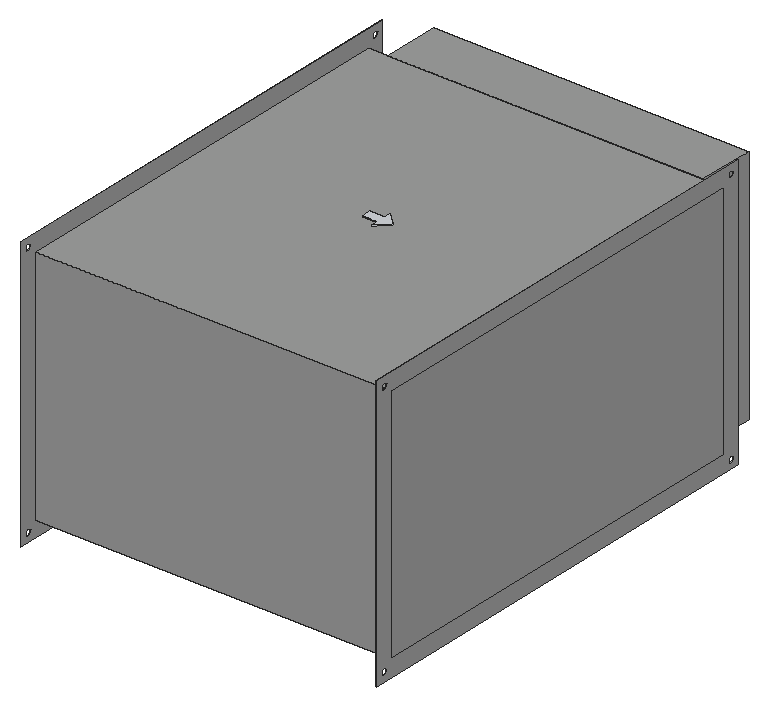
Revit family "Воздухонагреватель электрический прямоугольный E", category Оборудование, Revit 2019
Family settings
  Размер круглого соединителя = Использовать диаметр
  Тип детали = Нормальный
  Номер OmniClass = 23.75.00.00
  Заголовок OmniClass = Climate Control (HVAC)
  На основе рабочей плоскости = Нет
  Всегда вертикально = Да
  При загрузке вырезать с полостями = Нет
  Общий = Нет
  Точка расчета площади = Нет
Parameters (values of type "E...-7040")
  Таблица = "Электронагреватель Е"  # constant formula
  Ток, А = size_lookup(Таблица, "Ток", "Данный типоразмер отсутствует", [Требуемая мощность, кВт], B, H)  # "148"
  Напряжение U,В = "3-380"  # constant formula
  Мощность нагревателя N,кВт = size_lookup(Таблица, "Power", "Данный типоразмер отсутствует", [Требуемая мощность, кВт], B, H)  # "97,5"
  Материал = RAL 0000 Серый металл
  Масса, кг = size_lookup(Таблица, "M", "Данный типоразмер отсутствует", [Требуемая мощность, кВт], B, H)  # "31,9"
  s = 30 mm
  Требуемая мощность, кВт = 97.5 mm
  L1 = 530 mm
  L = 600 mm
  H3 = 404 mm
  H1 = 430 mm
  H = 400 mm
  B3 = 825 mm
  B1 = 730 mm
  B = 700 mm
  ADSK_Примечание = ""
  ADSK_Позиция = ""
  ADSK_Наименование = "Воздухонагреватель электрический для прямоугольного канала E"  # constant formula
  ADSK_Марка = size_lookup(Таблица, "", "Данный типоразмер отсутствует", [Требуемая мощность, кВт], B, H)  # "E97,5-7040"
  ADSK_Код изделия = ""
  ADSK_Завод-изготовитель = "Naveka"  # constant formula
  ADSK_Единица измерения = "шт."  # constant formula
Types (9, lengths in mm): name | Ток, А | Мощность нагревателя N,кВт | Масса, кг | s | Требуемая мощность, кВт | L1 | L | H3 | H1 | H | B3 | B1 | B | ADSK_Марка
  (no name) | "148" | "97,5" | "31,9" | 30 | 97.5 | 530 | 600 | 404 | 430 | 400 | 825 | 730 | 700 | "E97,5-7040"
  E...-5025 | "20,5" | "13,5" | "9,4" | 20 | 13.5 | 430 | 500 | 254 | 270 | 250 | 625 | 520 | 500 | "E13,5-5025"
  E...-5030 | "31,9" | "21" | "11,8" | 20 | 21 | 430 | 500 | 304 | 320 | 300 | 655 | 520 | 500 | "E21-5030"
  E...-6030 | "22,8" | "15" | "11" | 20 | 15 | 430 | 500 | 304 | 320 | 300 | 725 | 620 | 600 | "E15-6030"
  E...-6035 | "57" | "37,5" | "17,4" | 20 | 37.5 | 430 | 500 | 354 | 370 | 350 | 725 | 620 | 600 | "E37,5-6035"
  E...-7040 | "148" | "97,5" | "31,9" | 30 | 97.5 | 530 | 600 | 404 | 430 | 400 | 825 | 730 | 700 | "E97,5-7040"
  E...-8050 | "148" | "97,5" | "34" | 30 | 97.5 | 430 | 500 | 504 | 530 | 500 | 925 | 830 | 800 | "E97,5-8050"
  E...-10050 | "148" | "97,5" | "35,9" | 30 | 97.5 | 430 | 500 | 504 | 530 | 500 | 1125 | 1030 | 1000 | "E97,5-10050"
  E...-4020 | "9,2" | "6" | "6,3" | 20 | 6 | 430 | 500 | 204 | 220 | 200 | 525 | 420 | 400 | "E6-4020"
Reference planes
  plane 1 "По центру (Вперед/Назад)": y = 0
  plane 2: z = 0
  plane 3 "По центру (Влево/Вправо)": x = 0
  plane 4: y = 350
  plane 5: y = -350
  plane 6: x = 300
  plane 7: z = 200
  plane 8: z = -200
  plane 9: x = -300
  plane 10: y = 380
  plane 11: y = -380
  plane 12: z = 203
  plane 13: z = 230
  plane 14: z = -230
  plane 15: x = 299
  plane 16: x = -299
  plane 17: z = 220
  plane 18: y = 365
  plane 19: y = -365
  plane 20: z = 215
  plane 21: z = -215
  plane 22: x = -265
  plane 23: x = 265
  plane 24: z = 202
  plane 25: z = -202
  plane 26: y = 445
  plane 27: y = 405
  plane 28: z = -100
Forms (mm)
  Extrusion 1, solid, material "RAL 0000 Серый металл" <- "Материал", detail levels fine
    sketch origin (0, 0, 0) x (0, 1, 0) y (0, 0, 1)
      loop
        line (350, 202) -> (-350, 202) -> (-350, -202) -> (350, -202) -> (350, 202)
    from -300 to 300
  Extrusion 2, solid, detail levels fine
    sketch origin (-0.974, 0, 0) x (1, 0, 0) y (0, 1, 0)
      loop
        line (23.125, 0) -> (3.823, 19.302) -> (3.823, 14.302) -> (3.823, 7.861) -> (-21.177, 7.861) -> (-21.177, 0) -> (-21.177, -7.861) -> (3.823, -7.861) -> (3.823, -14.302) -> (3.823, -19.302) -> (23.125, 0)
    from 0 to 203
  Extrusion 3, solid, material "RAL 0000 Серый металл" <- "Материал", detail levels fine
    sketch origin (0, 0, 0) x (0, 1, 0) y (0, 0, 1)
      loop
        line (380, 230) -> (-380, 230) -> (-380, -230) -> (380, -230) -> (380, 230)
      loop
        line (350, 202) -> (-350, 202) -> (-350, -202) -> (350, -202) -> (350, 202)
    from 299 to 300
  Extrusion 4, solid, material "RAL 0000 Серый металл" <- "Материал", detail levels fine
    sketch origin (0, 0, 0) x (0, 1, 0) y (0, 0, 1)
      loop
        line (380, 230) -> (-380, 230) -> (-380, -230) -> (380, -230) -> (380, 230)
      loop
        line (350, 196.447) -> (-350, 196.447) -> (-350, -196.447) -> (350, -196.447) -> (350, 196.447)
    from -300 to -299
  Extrusion 5, void
    sketch origin (0, 0, 0) x (0, 1, 0) y (0, 0, 1)
      loop
        circle (365, 215) r 5.547
      loop
        circle (-365, 215) r 5.547
      loop
        circle (365, -215) r 5.547
      loop
        circle (-365, -215) r 5.547
    from -550 to 550
  Extrusion 6, solid, material "RAL 0000 Серый металл" <- "Материал", detail levels fine
    sketch origin (0, 0, 0) x (1, 0, 0) y (0, 0, 1)
      loop
        line (265, 202) -> (-265, 202) -> (-265, -202) -> (265, -202) -> (265, 202)
    from -445 to -350
  Revolve 7, solid, material "Пластмасса, непрозрачная, белая", detail levels fine
    sketch origin (-1453.757, 1406.012, -100) x (0, 1, 0) y (-1, 0, 0)
      loop
        line (-1001.012, -1188.757) -> (-1001.012, -1186.595) -> (-1003.414, -1186.595) -> (-1003.414, -1187.787) -> (-1004.26, -1187.787) -> (-1004.26, -1186.003) -> (-1007.705, -1186.003) -> (-1008.704, -1185.304) -> (-1010.452, -1184.477) -> (-1012.427, -1184.007) -> (-1014.721, -1185.331) -> (-1014.721, -1188.757) -> (-1001.012, -1188.757)
      axis (-1001.012, -1184.007) -> (-1001.012, -1188.757)
    angle from 0 to 360
Cuts and joins
  Extrusion 5 cuts Extrusion 3
  Extrusion 5 cuts Extrusion 4
Lines and regions (mm)
  model lines, not visible, detail levels medium
    curve 1: circle (0, 0, 0) r 75 normal (0, -1, 0)
    curve 2: line (75, 0, 0) -> (-46.678, 0, 58.704)
    curve 3: line (-47.5, 0, 58.041) -> (-47.5, 0, -58.041)
    curve 4: line (-46.678, 0, -58.704) -> (75, 0, 0)
    curve 15: circle (0, 0, 0) r 45 normal (0, -1, 0)
    curve 16: line (0, 0, 45) -> (0, 0, -45)
    curve 17: line (-45, 0, 0) -> (45, 0, 0)
  model lines, not visible, detail levels coarse
    curve 5: circle (0, 0, 0) r 95 normal (0, 0, 1)
    curve 6: line (95, 0, 0) -> (-55.84, 76.857, 0)
    curve 7: line (-55.84, 76.857, 0) -> (-55.84, -76.857, 0)
    curve 8: line (-55.84, -76.857, 0) -> (95, 0, 0)
    curve 14: line (0, 55, 0) -> (0, -55, 0)
  model lines, detail levels coarse
    curve 9: line (0, 55, 0) -> (0, -55, 0)
    curve 13: circle (0, 0, 0) r 66 normal (0, 0, 1)
  model lines, detail levels medium
    curve 10: circle (0, 0, 0) r 45 normal (0, -1, 0)
    curve 11: line (0, 0, 45) -> (0, 0, -45)
    curve 12: line (-45, 0, 0) -> (45, 0, 0)
Dimensions and locks
  "B": plane 5 to plane 4
  "L": plane 9 to plane 6
  equal spacing: plane 9, plane 3 "По центру (Влево/Вправо)", plane 6
  equal spacing: plane 5, plane 1 "По центру (Вперед/Назад)", plane 4
  equal spacing: plane 7, level, plane 8
  "H": plane 7 to plane 8
  locked: plane 12 to plane 24 at 1
  locked: plane 16 to plane 9 at 1
  locked: plane 15 to plane 6 at 1
  "s": plane 5 to plane 11
  "s": plane 10 to plane 4
  "s": plane 13 to plane 7
  "s": plane 8 to plane 14
  locked: plane 7 to plane 17 at 20
  equal spacing: plane 21, level, plane 20
  "H1": plane 21 to plane 20
  equal spacing: plane 18, plane 1 "По центру (Вперед/Назад)", plane 19
  "B1": plane 18 to plane 19
  equal spacing: plane 22, plane 3 "По центру (Влево/Вправо)", plane 23
  "L1": plane 22 to plane 23
  equal spacing: plane 24, level, plane 25
  "H3": plane 24 to plane 25
  "B3": plane 11 to plane 26
  equal spacing: plane 18, plane 27, plane 26
  equal spacing: level, plane 28, plane 8
  aligned and locked: level to plane 2
  aligned and locked: Extrusion 1 to plane 9
  aligned and locked: Extrusion 1 to plane 6
  aligned and locked: plane 12 to Extrusion 2
  aligned and locked: plane 13 to Extrusion 3 sketch curve
  aligned and locked: Extrusion 3 sketch curve to plane 10
  aligned and locked: plane 14 to Extrusion 3 sketch curve
  aligned and locked: Extrusion 3 sketch curve to plane 11
  aligned and locked: Extrusion 3 sketch curve to Extrusion 1  (x4)
  aligned and locked: Extrusion 3 to plane 6
  aligned and locked: plane 15 to Extrusion 3
  aligned and locked: Extrusion 4 to plane 9
  aligned and locked: plane 16 to Extrusion 4
  aligned and locked: Extrusion 4 to plane 10
  aligned and locked: Extrusion 4 to plane 11
  aligned and locked: Extrusion 4 to plane 5
  aligned and locked: Extrusion 4 to plane 4
  aligned and locked: plane 11 to Extrusion 4
  aligned and locked: plane 13 to Extrusion 4
  aligned and locked: plane 14 to Extrusion 4
  aligned and locked: plane 18 to Extrusion 5 sketch curve  (x2)
  aligned and locked: plane 20 to Extrusion 5 sketch curve  (x2)
  aligned and locked: plane 21 to Extrusion 5 sketch curve  (x2)
  aligned and locked: plane 19 to Extrusion 5 sketch curve  (x2)
  aligned and locked: plane 24 to Extrusion 6 sketch curve
  aligned and locked: plane 23 to Extrusion 6 sketch curve
  aligned and locked: Extrusion 6 to plane 26
  aligned and locked: Extrusion 6 to plane 22
  aligned and locked: plane 23 to Extrusion 6
  aligned and locked: plane 24 to Extrusion 6
  aligned and locked: Extrusion 6 to plane 25
  aligned and locked: plane 24 to Extrusion 1
  aligned and locked: Extrusion 1 to plane 25
  aligned and locked: Extrusion 6 to plane 4
  aligned and locked: Revolve 7 sketch curve to plane 22
  aligned and locked: plane 27 to Revolve 7 sketch curve  (x2)
  aligned and locked: plane 28 to Revolve 7
Automatic sketch dimensions
  curve 1 to curve 4 = 75 mm
  curve 1 to curve 2 = 0 mm
  curve 4 to curve 1 = 46.678 mm
  curve 2 to curve 1 = 46.678 mm
  curve 3 to curve 4 = 0.822 mm
  Extrusion 1 sketch curve to plane 5 = 0 mm
  Extrusion 1 sketch curve to plane 4 = 0 mm
  plane 8 to Extrusion 1 sketch curve = 2 mm
  plane 7 to Extrusion 1 sketch curve = 2 mm
  plane 1 "По центру (Вперед/Назад)" to Extrusion 2 sketch curve = 0 mm  (x2)
  Extrusion 2 sketch curve to plane 3 "По центру (Влево/Вправо)" = 22.151 mm
  plane 3 "По центру (Влево/Вправо)" to Extrusion 2 sketch curve = 2.849 mm  (x2)
  Extrusion 2 sketch curve to Extrusion 2 sketch curve = 19.302 mm
  plane 1 "По центру (Вперед/Назад)" to Extrusion 2 sketch curve = 7.861 mm
  Extrusion 2 sketch curve to Extrusion 2 sketch curve = 6.441 mm
  Extrusion 2 sketch curve to Extrusion 2 sketch curve = 5 mm  (x2)
  Extrusion 2 sketch curve to Extrusion 2 sketch curve = 7.861 mm
  plane 13 to Extrusion 4 sketch curve = 0 mm
  plane 14 to Extrusion 4 sketch curve = 0 mm
  Extrusion 4 sketch curve to plane 8 = 3.553 mm
  Extrusion 4 sketch curve to plane 7 = 3.553 mm
  plane 11 to Extrusion 4 sketch curve = 0 mm
  Extrusion 4 sketch curve to plane 5 = 0 mm
  plane 4 to Extrusion 4 sketch curve = 0 mm
  Extrusion 4 sketch curve to plane 10 = 0 mm
  Extrusion 6 sketch curve to plane 22 = 0 mm
  Extrusion 6 sketch curve to plane 25 = 0 mm
  plane 1 "По центру (Вперед/Назад)" to curve 13 = 0 mm
  curve 13 to plane 3 "По центру (Влево/Вправо)" = 0 mm
  Revolve 7 sketch curve to Revolve 7 sketch curve = 2.294 mm
  Revolve 7 sketch curve to Revolve 7 sketch curve = 1.974 mm
  Revolve 7 sketch curve to Revolve 7 sketch curve = 1.748 mm
  Revolve 7 sketch curve to Revolve 7 sketch curve = 0.999 mm
  Revolve 7 sketch curve to Revolve 7 sketch curve = 3.445 mm
  Revolve 7 sketch curve to Revolve 7 sketch curve = 0.846 mm
  Revolve 7 sketch curve to Revolve 7 sketch curve = 2.403 mm
  Revolve 7 sketch curve to Revolve 7 sketch curve = 0.969 mm
  Revolve 7 sketch curve to Revolve 7 sketch curve = 1.193 mm
  Revolve 7 sketch curve to Revolve 7 sketch curve = 1.784 mm
  Revolve 7 sketch curve to Revolve 7 sketch curve = 3.425 mm
  Revolve 7 sketch curve to Revolve 7 sketch curve = 0.699 mm
  Revolve 7 sketch curve to Revolve 7 sketch curve = 0.827 mm
  Revolve 7 sketch curve to Revolve 7 sketch curve = 0.47 mm
  Revolve 7 sketch curve to Revolve 7 sketch curve = 17.098 mm
  Revolve 7 sketch curve to Revolve 7 sketch curve = 0 mm
  radius of Extrusion 5 sketch curve = 5.547 mm  (x4)
  radius of curve 13 = 66 mm
Connectors
  hvac at (-300, 0, 0), driven by "H", driven by "B"
    settings: on Extrusion 1, index 3, duct flow 0.0 L/s, flow factor 0, pres drop 0.0 Pa, loss coef 0, conn angle 0.00°, conn width 700 mm, conn height 400 mm, conn diameter 609.6 mm, duct sys type 28, conn prof type 1, flow config 0, flow direction 0, loss method 0, conn ref index 4, conn util no, is conn primary yes, conn desc ""
  hvac at (300, 0, 0), driven by "H", driven by "B"
    settings: on Extrusion 1, index 4, duct flow 0.0 L/s, flow factor 0, pres drop 0.0 Pa, loss coef 0, conn angle 0.00°, conn width 700 mm, conn height 400 mm, conn diameter 609.6 mm, duct sys type 28, conn prof type 1, flow config 0, flow direction 0, loss method 0, conn ref index 3, conn util no, is conn primary no, conn desc ""
